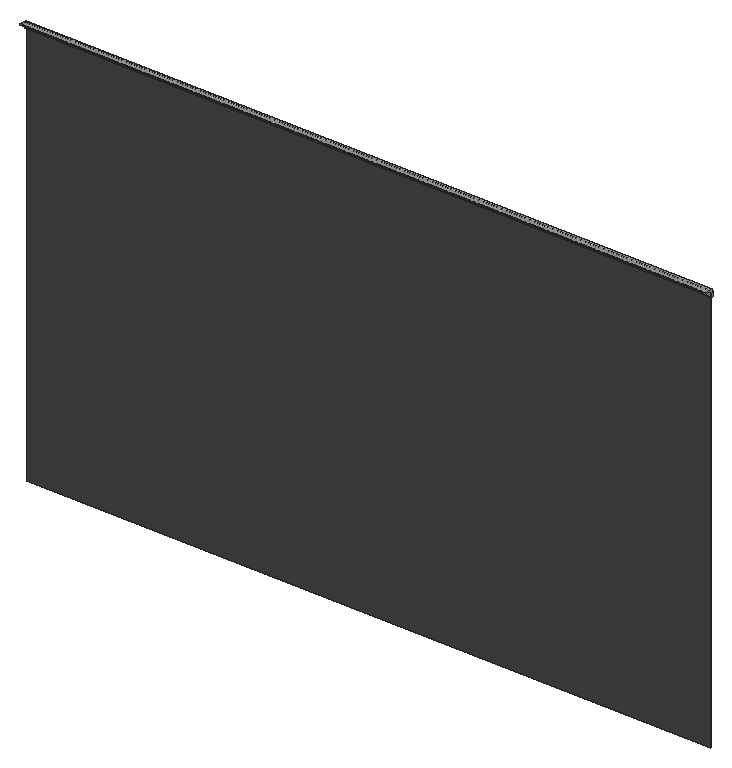
Revit family "Małkowski Martech_Brama_Marc-KDS", category Wyposażenie mechaniczne, Revit 2020
Family settings
  Wymiar okrągłego złącza = Użyj średnicy
  Klasyfikacja = Brak
  Typ części = Normalny
  Numer OmniClass = 23.30.10.00
  Tytuł OmniClass = Doors
  Oparty na płaszczyźnie roboczej = Tak
  Zawsze pionowo = Nie
  Tnij formami wycięć po wczytaniu = Nie
  Współdzielony = Nie
  Punkt obliczania pomieszczeń = Tak
Parameters (values of type "Kaseta wału do stropu bezpośrednio")
  Wysokość otworu w murze Ho [instance] = 3000 mm
  Wysokość otworu [instance] = if(Wysokość otworu w murze Ho < 500 mm, 500 mm, if(Wysokość otworu w murze Ho > 8000 mm, 8000 mm, Wysokość otworu w murze Ho))  # 3000 mm
  Wysokość = 0 mm
  Użyteczna wysokość otworu [instance] = Wysokość otworu - 50 mm  # 2950 mm
  Użyteczna szerokość otworu [instance] = Szerokość otworu  # 5000 mm
  URL = "https://www.malkowski.pl/produkty/marc-kds/"
  Typ budowy = "Kurtyna dymowa stała"  # constant formula
  Szerokość otworu w murze So [instance] = 5000 mm
  Szerokość otworu [instance] = if(Szerokość otworu w murze So < 1000 mm, 1000 mm, if(Szerokość otworu w murze So > 6000 mm, 6000 mm, Szerokość otworu w murze So))  # 5000 mm
  Szerokość = 0 mm
  Płaszcz kurtyny = "niepalna tkanina z włókna szklanego, standardowo w kolorze szaro-srebrnym, z listwą obciążeniową zamocowanej do dolnej krawędzi płaszcza"  # constant formula
  Producent = "Małkowski - Martech S.A."  # constant formula
  Keynote = ""
  Odporność ogniowa = "D, DH"  # constant formula
  Obraz typu = 062-700x600-px-scale-730-547.jpg
  Model (Kod) [instance] = if([Klasa odporności ogniowej (Marc-Kds)] = 0, "KDS - D30 - S", if([Klasa odporności ogniowej (Marc-Kds)] = 1, "KDS - D60 - S", if([Klasa odporności ogniowej (Marc-Kds)] = 2, "KDS - D90 - S", if([Klasa odporności ogniowej (Marc-Kds)] = 3, "KDS - D120 - S", if([Klasa odporności ogniowej (Marc-Kds)] = 4, "KDS - DA - S", if([Klasa odporności ogniowej (Marc-Kds)] = 5, "KDS - DH30 - S", if([Klasa odporności ogniowej (Marc-Kds)] = 6, "KDS - DH60 - S", if([Klasa odporności ogniowej (Marc-Kds)] = 7, "KDS - DH90 - S", if([Klasa odporności ogniowej (Marc-Kds)] = 8, "KDS - DH120 - S", "KDS - DHA - S")))))))))  # "KDS - D30 - S"
  Model = "Marc - KDS"  # constant formula
  Materiał kasety [instance] = Małkowski-Martech_Szary
  Komentarz do konfiguracji [instance] = if(or(Szerokość otworu w murze So < 1000 mm, Wysokość otworu w murze Ho < 500 mm), "Podane wymiary otworu nie są kompatybilne z kartą katalogową.", if(Szerokość otworu w murze So > 6000 mm, "Maksymalna szerokość pojedynczego modułu wynosi 6m. Szersze kurtyny wykonywane są z kilku modułów połączonych łącznikami.", if(Wysokość otworu w murze Ho > 8000 mm, "W przypadku kurtyn o większej wysokości niż 8m prosimy o kontakt z producentem.", "Wprowadzono poprawne wymiary")))  # "Wprowadzono poprawne wymiary"
  Klasa odporności ogniowej (Marc-Kds) [instance] = 0
  IfcExportAs = "IfcDoor"  # constant formula
  Zakończenie ściany = Wg obiektu nadrzędnego
  Elementy mocujące = "kątownik stalowy 50x50x6 i płaskownik 40x3 z blachy stalowej, mocowanie śrubami sześciokątnymi M6x25 i kotwami stalowymi M10"  # constant formula
  Długość płaszcza [instance] = Użyteczna wysokość otworu + 40 mm  # 2990 mm
  Default Elevation [instance] = 1219.2 mm
  Brama zamknięta [instance] = not(Brama otwarta)  # yes
  Brama otwarta [instance] = no
Reference planes
  plane 1: y = -150
  plane 2 "Środek (Lewa/Prawa)": x = 0
  plane 3 "Lewa": x = -2500
  plane 4 "Prawa": x = 2500
  plane 5 "Góra otworu w murze": z = 3000
  plane 6 "Zewnętrzna": y = 0
  plane 7 "Wewnętrzna": y = -300
  plane 8 "Środek obrotu": x = 37.5
  plane 9 "Podstawa parapetu": z = 0
  plane 10: x = -2490
  plane 11: x = 2490
  plane 12: y = -100
  plane 13: y = -103
  plane 14: y = -300
Forms (mm)
  Extrusion 1, solid, material "Małkowski-Martech_Szary" <- "Materiał kasety"
    sketch origin (0, -74, 0) x (0, -1, 0) y (0, 0, -1)
      loop
        line (32.8, -3000) -> (82.8, -3000) -> (82.8, -2996.5)
        arc (82.8, -2996.5) -> (82.068, -2994.732) -> (80.3, -2994) r 2.5
        line (80.3, -2994) -> (41.705, -2994)
        arc (41.705, -2994) -> (39.651, -2993.149) -> (38.8, -2991.095) r 2.905
        line (38.8, -2991.095) -> (38.8, -2952.535)
        arc (38.8, -2952.535) -> (38.057, -2950.743) -> (36.265, -2950) r 2.535
        line (36.265, -2950) -> (32.8, -2950) -> (32.8, -3000)
      loop
        line (29, -2950) -> (26, -2950) -> (26, -2990) -> (29, -2990) -> (29, -2950)
    from -2500 to 2500
Text (mm)
  text "Zewnętrzne" at (-2295.016, 1099.543, 0), in view "Poziom odniesienia"
  text "Zewnętrzne" at (0, 1615.38, 3698.081), in view "Lewa"
  text "Zewnętrzne" at (0, 1036.032, 3874.932), in view "Prawa"
Dimensions and locks
  equal spacing: plane 3 "Lewa", plane 2 "Środek (Lewa/Prawa)", plane 4 "Prawa"
  "Szerokość otworu": plane 3 "Lewa" to plane 4 "Prawa"
  plane 3 "Lewa" to plane 4 "Prawa" = 5000 mm
  locked: plane 3 "Lewa" to plane 10 at 10
  locked: plane 11 to plane 4 "Prawa" at 10
  locked: Extrusion 1 sketch curve to Extrusion 1 sketch curve at 40
  locked: Extrusion 1 sketch curve to Extrusion 1 sketch curve at 50  (x2)
  locked: plane 12 to plane 13 at 3
  "Wysokość otworu": plane 5 "Góra otworu w murze" to plane 9 "Podstawa parapetu"
  aligned and locked: nested 1 to plane 11
  aligned and locked: plane 10 to nested 1
  aligned and locked: plane 3 "Lewa" to Extrusion 1
  aligned and locked: Extrusion 1 to plane 4 "Prawa"
  aligned and locked: nested 1 to plane 13
  aligned and locked: Extrusion 1 sketch curve to plane 12
Automatic sketch dimensions
  plane 5 "Góra otworu w murze" to Extrusion 1 sketch curve = 0 mm
  Extrusion 1 sketch curve to Extrusion 1 sketch curve = 3 mm
  Extrusion 1 sketch curve to Extrusion 1 sketch curve = 3.8 mm
  Extrusion 1 sketch curve to Extrusion 1 sketch curve = 3.465 mm
  Extrusion 1 sketch curve to Extrusion 1 sketch curve = 9.8 mm
  Extrusion 1 sketch curve to Extrusion 1 sketch curve = 2.905 mm
  Extrusion 1 sketch curve to Extrusion 1 sketch curve = 2.5 mm
  Extrusion 1 sketch curve to Extrusion 1 sketch curve = 1.095 mm
  Extrusion 1 sketch curve to Extrusion 1 sketch curve = 0 mm
Nested families
  nested 1: "Drzwi kurtynowe" at (0, -103, 0), Wysokość kurtyny <- "Długość płaszcza", visible <- "Brama zamknięta", type "Drzwi kurtynowe"
    with Wysokość kurtyny 2990 mm, Szerokość kurtyny korekta 4910 mm, Szerokość kurtyny 4980 mm
Definition of nested family "Drzwi kurtynowe"
  Parameters (values of type "Drzwi kurtynowe")
    Wysokość kurtyny [instance] = 3000 mm
    Szerokość kurtyny korekta [instance] = 3000 mm
    Szerokość kurtyny [instance] = Szerokość kurtyny korekta + 70 mm  # 3070 mm
    Default Elevation = 0 mm
  Reference planes
    plane 1 "Środek (Przód/Tył)": y = 0
    plane 2: z = 0
    plane 3 "Środek (Lewa/Prawa)": x = 0
    plane 4: x = -1535
    plane 5: x = 1535
  Forms (mm)
    Extrusion 1, solid
      sketch origin (0, -30, 0) x (1, 0, 0) y (0, 1, 0)
        loop
          line (-1535, 26.2) -> (1535, 26.2) -> (1535, 30) -> (-1535, 30) -> (-1535, 26.2)
      from 0 to 3000 <- "Wysokość kurtyny"
  Dimensions and locks
    equal spacing: plane 4, plane 3 "Środek (Lewa/Prawa)", plane 5
    "Szerokość kurtyny": plane 4 to plane 5
    locked: Extrusion 1 sketch curve to Extrusion 1 sketch curve at 3.8
    aligned and locked: level to plane 2
  Automatic sketch dimensions
    plane 1 "Środek (Przód/Tył)" to Extrusion 1 sketch curve = 0 mm
    Extrusion 1 sketch curve to plane 4 = 0 mm
    Extrusion 1 sketch curve to plane 5 = 0 mm
